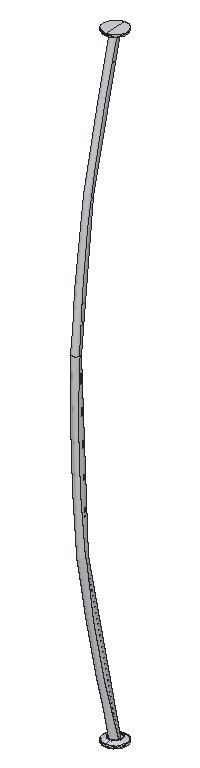
Revit family "Accessory-Shower_Rod-KOHLER-Expanse-K-9350_1", category Specialty Equipment, host Face, Revit 2017
Family settings
  Host = Face
  Round Connector Dimension = Use Diameter
  Part Type = Normal
  OmniClass Number = 23.31.25.00
  OmniClass Title = Toilet and Bath Specialties
  Cut with Voids When Loaded = No
  Shared = No
  Room Calculation Point = No
Parameters (values of type "S-Polished Stainless")
  Width = 2 13/16"  # constant formula
  WaterSense Certified = 1 = 0  # no
  URL = "https://www.us.kohler.com/us/"
  Type = 1
  Product Page URL = "http://www.us.kohler.com/us/catalog/productDetails.jsp?productNumber=9350"
  Product Name = "Expanse"  # constant formula
  Product Documentation Link = "https://www.us.kohler.com/webassets/kpna/catalog/pdf/en/K-9350_spec.pdf"
  Model = if(Type = 1, "K-9350-S", if(Type = 2, "K-9350-BS", if(Type = 3, "K-9350-2BZ", "NA")))  # "K-9350-S"
  Material = "Stainless Steel Construction"  # constant formula
  Master Format 2014 Name = "Toilet, Bath, and Laundry Accessories"  # constant formula
  Master Format 2014 = "10 28 00"  # constant formula
  Manufacturer Address = "444 Highland Dr, Kohler, WI 53044"  # constant formula
  Manufacturer = "KOHLER Co."  # constant formula
  Length = 76"  # constant formula
  Height = 6"  # constant formula
  Finish = Kohler-Metal-S-Polished_Stainless
  Environmental Product Declaration = ""
  Description = "Curved shower rod - transitional design"  # constant formula
  Default Elevation = 42"
  Declare Label = ""
  Date Modified = "03/25/2020"  # constant formula
  Date Created = "03/25/2020"  # constant formula
  Copyright = "Copyright KOHLER Co."  # constant formula
  Contact Us = "https://www.us.kohler.com/us/static/contact.jsp"
  Assembly Code = "C1030200"
  ADA Compliant = 1 = 0  # no
Types (4): name | Type | Model | Finish
  (no name) | 1 | "K-9350-S" | Kohler-Metal-S-Polished_Stainless
  S-Polished Stainless | 1 | "K-9350-S" | Kohler-Metal-S-Polished_Stainless
  BS-Brushed Stainless | 2 | "K-9350-BS" | Kohler-Metal-BS-Brushed_Stainless
  2BZ-Oil-Rubbed Bronze | 3 | "K-9350-2BZ" | Kohler-Metal-2BZ-Oil_Rubbed_Bronze
Reference planes (in)
  plane 1 "Center (Front/Back)": y = 0
  plane 2: z = 0
  plane 3 "Center (Left/Right)": x = 0
  plane 4: x = -1.40625
  plane 5: y = -6
  plane 6: y = 1.40625
  plane 7: x = 1.40625
  plane 8: y = -1.40625
  plane 9: z = 76
  plane 10: z = 0.5
  plane 11: z = 75.5
Dimensions and locks (in)
  "Height": nested 1 to plane 5
  "Width": plane 4 to plane 7
  "Length": plane 9 to level
  aligned and locked: plane 2 to host face
  aligned and locked: level to host face
  aligned and locked: plane 3 "Center (Left/Right)" to nested 1
  aligned and locked: plane 1 "Center (Front/Back)" to nested 1
Automatic sketch dimensions
  host sketch curve to host sketch curve = 96"  (x2)
Nested families (in)
  nested 1: "K-9350" at (0, 0, 0), type "K-9350"
Definition of nested family "K-9350"
  Parameters (values of type "K-9350")
    Material = none
  Reference planes (in)
    plane 1 "Center (Front/Back)": y = 0
    plane 2: z = 0
    plane 3 "Center (Left/Right)": x = 0
    plane 4: x = 1.40625
    plane 5: x = -1.40625
    plane 6: z = 76
    plane 7: y = -6
    plane 8: y = -1.40625
    plane 9: y = 1.40625
    plane 10: z = 0.5
    plane 11: z = 38
  Forms (in)
    Revolve 1, solid, material <- "Material", detail levels medium+fine
      sketch origin (0, 0, 0) x (0, 1, 0) y (0, 0, 1)
        loop
          line (0, 0) -> (1.40625, 0) -> (1.40625, 0.14486)
          arc (1.40625, 0.14486) -> (1.39605, 0.17325) -> (1.37011, 0.18864) r 0.04458
          arc (1.37011, 0.18864) -> (1.06857, 0.29594) -> (0.81272, 0.48826) r 1.06133
          arc (0.81272, 0.48826) -> (0.79994, 0.49695) -> (0.78479, 0.5) r 0.03909
          line (0.78479, 0.5) -> (0, 0.5) -> (0, 0)
        axis (0, 0) -> (0, 0.5)
      angle from 0 to 360
    Revolve 2, solid, material <- "Material", detail levels medium+fine
      sketch origin (0, 0, 76) x (0, 1, 0) y (0, 0, -1)
        loop
          line (0, 0) -> (1.40625, 0) -> (1.40625, 0.14486)
          arc (1.40625, 0.14486) -> (1.39605, 0.17325) -> (1.37011, 0.18864) r 0.04458
          arc (1.37011, 0.18864) -> (1.06857, 0.29594) -> (0.81272, 0.48826) r 1.06133
          arc (0.81272, 0.48826) -> (0.79994, 0.49695) -> (0.78479, 0.5) r 0.03909
          line (0.78479, 0.5) -> (0, 0.5) -> (0, 0)
        axis (0, 0) -> (0, 0.5)
      angle from 0 to 360
    Sweep 3, solid, material <- "Material", detail levels medium+fine
      path origin (0, 0, 0) x (0, 1, 0) y (0, 0, 1)
        loop
          arc (-0.08155, 0.25273) -> (-4.91977, 21.71232) -> (-5.86867, 43.69008) r 123.33333
      profile origin (0, -4.91977, 21.71232) x (0, -0.991241, -0.132062) y (1, 0, 0)
        loop
          circle (-0.03125, 0) r 0.5
    Revolve 4, solid, material <- "Material", detail levels coarse
      sketch origin (0, 0, 0) x (0, 1, 0) y (0, 0, 1)
        loop
          line (0, 0) -> (1.40625, 0) -> (1.40625, 0.25) -> (0.8676, 0.25) -> (0.8676, 0.5) -> (0, 0.5) -> (0, 0)
        axis (0, 0) -> (0, 0.5)
      angle from 0 to 360
    Revolve 5, solid, material <- "Material", detail levels coarse
      sketch origin (0, 0, 76) x (0, 1, 0) y (0, 0, -1)
        loop
          line (0, 0) -> (1.40625, 0) -> (1.40625, 0.25) -> (0.8676, 0.25) -> (0.8676, 0.5) -> (0, 0.5) -> (0, 0)
        axis (0, 0) -> (0, 0.5)
      angle from 0 to 360
    Sweep 6, solid, material <- "Material", detail levels coarse
      path origin (0, 0, 0) x (0, 1, 0) y (0, 0, 1)
        loop
          arc (0.05257, 0.3392) -> (-6.00002, 38.05527) -> (-0.06811, 75.79052) r 121.75185
      profile origin (0, -6.00002, 38.05527) x (0, -0.999999, -0.001599) y (1, 0, 0)
        loop
          circle (0, 0) r 0.49876
    Sweep 7, solid, material <- "Material", detail levels medium+fine
      path origin (0, 0, 0) x (0, 1, 0) y (0, 0, 1)
        loop
          arc (0, 0.14757) -> (-6, 38) -> (0, 75.85243) r 122.40054
      profile origin (0, -6, 38) x (0, -1, 0) y (1, 0, 0)
        loop
          circle (-0.02734, 0) r 0.44236
  Cuts and joins
    joined: Revolve 4, Revolve 5, Sweep 6
    joined: Revolve 1, Revolve 2, Sweep 3, Sweep 7
  Lines and regions (in)
    Masking region 1
      outline origin (0, 0, 0) x (0, 1, 0) y (0, 0, 1)
        loop
          line (1.40625, 0) -> (1.40625, 0.14757)
          arc (1.40625, 0.14757) -> (1.39674, 0.17406) -> (1.37255, 0.18846) r 0.04166
          arc (1.37255, 0.18846) -> (1.0706, 0.29575) -> (0.81346, 0.48697) r 1.07927
          arc (0.81346, 0.48697) -> (0.7991, 0.49661) -> (0.78213, 0.5) r 0.04417
          line (0.78213, 0.5) -> (0.39836, 0.5)
          arc (0.39836, 0.5) -> (-4.39944, 21.82639) -> (-5.33874, 43.6656) r 122.75943
          line (-5.33874, 43.6656) -> (-5.40284, 43.77663)
          arc (-5.40284, 43.77663) -> (-3.69118, 59.26094) -> (-0.02804, 74.40276) r 122.49203
          line (-0.02804, 74.40276) -> (0.13315, 74.82269)
          arc (0.13315, 74.82269) -> (0.22467, 75.16295) -> (0.32737, 75.5) r 10.6712
          line (0.32737, 75.5) -> (0.78213, 75.5)
          arc (0.78213, 75.5) -> (0.7991, 75.50339) -> (0.81346, 75.51303) r 0.04417
          arc (0.81346, 75.51303) -> (1.0706, 75.70425) -> (1.37255, 75.81154) r 1.07927
          arc (1.37255, 75.81154) -> (1.39674, 75.82594) -> (1.40625, 75.85243) r 0.04166
          line (1.40625, 75.85243) -> (1.40625, 76) -> (-1.40625, 76) -> (-1.40625, 75.85243)
          arc (-1.40625, 75.85243) -> (-1.39674, 75.82594) -> (-1.37255, 75.81154) r 0.04166
          arc (-1.37255, 75.81154) -> (-1.0706, 75.70425) -> (-0.81346, 75.51303) r 1.07927
          arc (-0.81346, 75.51303) -> (-0.7991, 75.50339) -> (-0.78213, 75.5) r 0.04417
          line (-0.78213, 75.5) -> (-0.64659, 75.5)
          arc (-0.64659, 75.5) -> (-0.71718, 75.30615) -> (-0.77406, 75.10784) r 2.95138
          line (-0.77406, 75.10784) -> (-0.87398, 74.70705)
          arc (-0.87398, 74.70705) -> (-4.56721, 59.43876) -> (-6.2588, 43.82148) r 121.44801
          line (-6.2588, 43.82148) -> (-6.33651, 43.71168)
          arc (-6.33651, 43.71168) -> (-5.41099, 21.85376) -> (-0.65264, 0.5) r 123.80923
          line (-0.65264, 0.5) -> (-0.78213, 0.5)
          arc (-0.78213, 0.5) -> (-0.7991, 0.49661) -> (-0.81346, 0.48697) r 0.04417
          arc (-0.81346, 0.48697) -> (-1.0706, 0.29575) -> (-1.37255, 0.18846) r 1.07927
          arc (-1.37255, 0.18846) -> (-1.39674, 0.17406) -> (-1.40625, 0.14757) r 0.04166
          line (-1.40625, 0.14757) -> (-1.40625, 0) -> (1.40625, 0)
    Masking region 2
      outline origin (0, 0, 0) x (1, 0, 0) y (0, 0, 1)
        loop
          line (1.40625, 0) -> (1.40625, 0.14077)
          arc (1.40625, 0.14077) -> (1.39434, 0.17352) -> (1.36416, 0.19096) r 0.05097
          arc (1.36416, 0.19096) -> (1.07236, 0.29205) -> (0.82652, 0.47893) r 0.9798
          arc (0.82652, 0.47893) -> (0.80404, 0.49451) -> (0.77725, 0.5) r 0.06814
          line (0.77725, 0.5) -> (0.5, 0.5) -> (0.5, 43.68863) -> (0.43983, 43.74881) -> (0.43983, 74.70243) -> (0.48166, 75.10047) -> (0.48166, 75.5) -> (0.77725, 75.5)
          arc (0.77725, 75.5) -> (0.80404, 75.50549) -> (0.82652, 75.52107) r 0.06814
          arc (0.82652, 75.52107) -> (1.07236, 75.70795) -> (1.36416, 75.80904) r 0.9798
          arc (1.36416, 75.80904) -> (1.39434, 75.82648) -> (1.40625, 75.85923) r 0.05097
          line (1.40625, 75.85923) -> (1.40625, 76) -> (0, 76) -> (-1.40625, 76) -> (-1.40625, 75.85923)
          arc (-1.40625, 75.85923) -> (-1.39434, 75.82648) -> (-1.36416, 75.80904) r 0.05097
          arc (-1.36416, 75.80904) -> (-1.07236, 75.70795) -> (-0.82652, 75.52107) r 0.9798
          arc (-0.82652, 75.52107) -> (-0.80404, 75.50549) -> (-0.77725, 75.5) r 0.06814
          line (-0.77725, 75.5) -> (-0.48166, 75.5) -> (-0.48166, 75.10047) -> (-0.43983, 74.70243) -> (-0.43983, 43.74881) -> (-0.5, 43.68863) -> (-0.5, 0.5) -> (-0.77725, 0.5)
          arc (-0.77725, 0.5) -> (-0.80404, 0.49451) -> (-0.82652, 0.47893) r 0.06814
          arc (-0.82652, 0.47893) -> (-1.07236, 0.29205) -> (-1.36416, 0.19096) r 0.9798
          arc (-1.36416, 0.19096) -> (-1.39434, 0.17352) -> (-1.40625, 0.14077) r 0.05097
          line (-1.40625, 0.14077) -> (-1.40625, 0) -> (0, 0) -> (1.40625, 0)
    Masking region 3
      outline origin (0, 0, 0) x (1, 0, 0) y (0, 1, 0)
        loop
          arc (-0.49876, -6) -> (0, -6.49876) -> (0.49876, -6) r 0.49876
          line (0.49876, -6) -> (0.49876, -1.31483)
          arc (0.49876, -1.31483) -> (0, 1.40625) -> (-0.49876, -1.31483) r 1.40625
          line (-0.49876, -1.31483) -> (-0.49876, -6)
    symbolic lines, detail levels medium+fine
      curve 1: line (0, 0.39836, 0.5) -> (0, -0.65403, 0.5)
      curve 2: line (0, -5.33799, 43.66557) -> (0, -6.33651, 43.71168)
      curve 3: line (0, -6.2588, 43.82148) -> (0, -5.40284, 43.77663)
      curve 4: line (0, 0.32737, 75.5) -> (0, -0.64659, 75.5)
      curve 5: line (0, -0.02545, 74.41009) -> (0, -0.87324, 74.70966)
      curve 6: line (0, 0.13294, 74.82186) -> (0, -0.77406, 75.10784)
      curve 7: line (0, 1.40625, 75.85243) -> (0, -1.40625, 75.85243)
      curve 8: line (0, 1.40625, 0.14757) -> (0, -1.40625, 0.14757)
      curve 9: line (0.5, 0, 43.68863) -> (-0.5, 0, 43.68863)
      curve 10: line (0.43983, 0, 43.74881) -> (-0.43983, 0, 43.74881)
      curve 11: line (0.49865, 0, 0.5) -> (-0.5, 0, 0.5)
      curve 12: line (1.40625, 0, 0.14077) -> (-1.40625, 0, 0.14077)
      curve 13: line (0.48166, 0, 75.5) -> (-0.48166, 0, 75.5)
      curve 14: line (1.40625, 0, 75.85923) -> (-1.40625, 0, 75.85923)
      curve 15: line (0.48166, 0, 75.10047) -> (-0.48166, 0, 75.10047)
      curve 16: line (0.43983, 0, 74.70243) -> (-0.43983, 0, 74.70243)
      curve 17: line (-0.43993, -5.88444, 0) -> (-0.43993, -1.33566, 0)
      curve 18: line (0.43993, -5.88444, 0) -> (0.43993, -1.33566, 0)
      curve 19: arc (-0.57597, -1.28289, 0) -> (0.15207, -1.398, 0) -> (0.83833, -1.12904, 0) r 1.40625
      curve 20: spline (-0.43993, -5.6001, 0) -> (-0.49432, -5.76238, 0) -> (-0.49067, -5.93348, 0) -> (-0.42942, -6.0933, 0) -> (-0.31775, -6.22309, 0) -> (-0.16879, -6.3076, 0) -> (0, -6.33692, 0) -> (0.16879, -6.3076, 0) -> (0.31775, -6.22309, 0) -> (0.42942, -6.0933, 0) -> (0.49067, -5.93348, 0) -> (0.49432, -5.76238, 0) -> (0.43993, -5.6001, 0)
      curve 21: spline (-0.43993, -5.88444, 0) -> (-0.42162, -5.99513, 0) -> (-0.37587, -6.09759, 0) -> (-0.30565, -6.18515, 0) -> (-0.21554, -6.25211, 0) -> (-0.11139, -6.29411, 0) -> (0, -6.30842, 0) -> (0.11139, -6.29411, 0) -> (0.21554, -6.25211, 0) -> (0.30565, -6.18515, 0) -> (0.37587, -6.09759, 0) -> (0.42162, -5.99513, 0) -> (0.43993, -5.88444, 0)
  Dimensions and locks (in)
    plane 5 to plane 4 = 2 13/16"
    level to plane 6 = 76"
    plane 1 "Center (Front/Back)" to plane 7 = 6"
    locked: plane 4 to plane 5 at 2.8125
    plane 6 to level = 76"
    plane 10 to level = 1/2"
    plane 11 to level = 38"
    aligned and locked: level to plane 2
